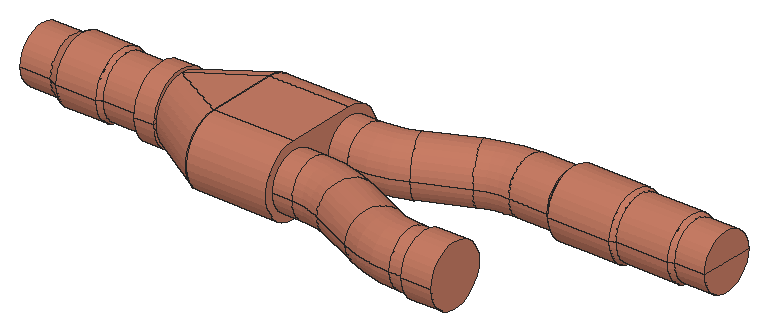
Revit family "Y_Branch-JCI-Cu_ACR-FxFxF-Heat_Pump-A1", category Pipe Fittings, Revit 2014
Parameters (values of type "Standard")
  Weight [instance] = 0.00 lbf
  URL = "http://www.johnsoncontrols.com/"
  Type Comments = "For use with copper ACR pipework"
  Tick Size 2 [instance] = Fitting Outside Diameter 2 * 0.4  # 0.55"
  Tick Size 1 [instance] = Fitting Outside Diameter 1 * 0.4  # 0.55"
  Socket Outside Radius 3 [instance] = Fitting Outside Radius 3 + 1" / 16  # 11/16"
  Socket Outside Radius 2 [instance] = Fitting Outside Radius 2 + 1/16"  # 3/4"
  Socket Outside Radius 1 [instance] = Fitting Outside Radius 1 + 1" / 16  # 3/4"
  Reducer 1 Length = 2"
  Pipe Radius 3 [instance] = Socket Outside Radius 3 + 1" / 8  # 13/16"
  Pipe Radius 2 [instance] = if(Nominal Diameter 1 > 1", Fitting Outside Radius 1 + 1" / 16, Fitting Outside Radius 1 + 1" / 8)  # 3/4"
  Pipe Radius 1 [instance] = if(Nominal Diameter 1 > 1", Fitting Outside Radius 1 + 1" / 8, Fitting Outside Radius 1 + 1" / 16)  # 13/16"
  Nominal Radius 3 [instance] = 9/16"
  Nominal Radius 2 [instance] = 5/8"
  Nominal Radius 1 [instance] = 5/8"
  Nominal Diameter 3 [instance] = Nominal Radius 3 * 2  # 1 1/8"
  Nominal Diameter 2 [instance] = Nominal Radius 2 * 2  # 1 1/4"
  Nominal Diameter 1 [instance] = Nominal Radius 1 * 2  # 1 1/4"
  Model = "21A1"
  Manufacturer = "Johnson Controls International"
  Manifold Length = 4"
  Loss Method = K Coefficient from Table
  Lookup Table Name = "Y_Branch-JCI-Cu_ACR-FxFxF-Heat_Pump-A1"
  Length 5 [instance] = Length 4 / tan(Angle 1)  # 2.14451"
  Length 4 [instance] = 1"
  Length 3 [instance] = Center Radius * tan(Angle 1 / 2)  # 0.55424"
  Length 2 [instance] = Reducer 1 Length + 1"  # 3"
  Length 1 [instance] = Pipe Radius 2 + 1" / 8  # 7/8"
  Fitting Outside Radius 3 [instance] = Fitting Outside Diameter 3 / 2  # 5/8"
  Fitting Outside Diameter 3 [instance] = Nominal Diameter 3 + 1/8"  # 1 1/4"
  End to End 2 [instance] = size_lookup(Lookup Table Name, "EtE2", 14 1/2", Nominal Diameter 1, Nominal Diameter 2, Nominal Diameter 3)  # 11.85039"
  End to End 1 [instance] = size_lookup(Lookup Table Name, "EtE1", 18", Nominal Diameter 1, Nominal Diameter 2, Nominal Diameter 3)  # 15.66929"
  K Coefficient Table = "Converging/Diverging Tee/Wye"
  built-in parameter 1114238 [instance] = (empty or 0)
  Fitting Outside Radius 2 [instance] = Fitting Outside Diameter 2 / 2  # 11/16"
  Fitting Outside Radius 1 [instance] = Fitting Outside Diameter 1 / 2  # 11/16"
  Fitting Outside Diameter 2 [instance] = Nominal Diameter 2 + 1/8"  # 1 3/8"
  Fitting Outside Diameter 1 [instance] = Nominal Diameter 1 + 1/8"  # 1 3/8"
  Description = "Y Branch"
  Custom Material = Custom Material
  Copyright © = "Copyright © 2001-2017 Johnson Controls"  # constant formula
  Center Radius [instance] = Nominal Diameter 2 * 2  # 2 1/2"
  Branch Center to Center [instance] = size_lookup(Lookup Table Name, "BCtC", 3 1/2", Nominal Diameter 1, Nominal Diameter 2, Nominal Diameter 3)  # 3.74016"
  Body Material = Metal - JCI - Copper
  Assembly Code = "D2090800"
  Angle 1 [instance] = 25.00°  # constant formula
Reference planes (in)
  plane 1 "Center (Front/Back)": y = 0
  plane 2 "CC": z = 0
  plane 3 "Center (Left/Right)": x = 0
  plane 4: x = 15.66929
  plane 5: x = 11.85039
  plane 6: x = 2
  plane 7: x = 1
  plane 8: x = 3
  plane 9: x = 3.5
  plane 10: x = 7
  plane 11: x = 5
  plane 12: y = 1.87008
  plane 13: y = -1.87008
  plane 14: x = 10.75298
  plane 15: x = 0.75
  plane 16: y = 0.87008
  plane 17: y = -0.87008
  plane 18: x = 7.5
  plane 19: y = -0.62992
  plane 20: y = 3.37008
  plane 21: x = 8.05424
  plane 22: x = 10.19874
  plane 23: y = 0.62992
  plane 24: y = -3.37008
  plane 25: x = 11.10039
  plane 26: x = 14.90551
  plane 27: x = 13.37795
  plane 28: y = -0.62992
  plane 29: y = 3.37008
  plane 30: y = 0.62992
  plane 31: y = -3.37008
  plane 32: x = 12.61417
  plane 33: x = 14.14173
  plane 34: x = 11.72539
Forms (in)
  Revolve 1, solid, material "Metal - JCI - Copper" <- "Body Material", detail levels fine
    sketch origin (0, 0, 0) x (0, -1, 0) y (1, 0, 0)
      loop
        line (-0.6875, 0) -> (0, 0) -> (0, 3.5) -> (-0.875, 3.5) -> (-0.875, 3) -> (-0.75, 3) -> (-0.75, 2.10825) -> (-0.8125, 2) -> (-0.8125, 1) -> (-0.6875, 0.75) -> (-0.6875, 0)
      axis (0, 0) -> (0, 3.5)
    angle from 0 to 360
  Blend 2, solid, material "Metal - JCI - Copper" <- "Body Material", detail levels fine
    base sketch origin (0, 0, 0) x (0, 1, 0) y (0, 0, 1)
      loop
        arc (-0.01563, 0.8125) -> (-0.82813, 0) -> (-0.01563, -0.8125) r 0.8125
        line (-0.01563, -0.8125) -> (0.01562, -0.8125)
        arc (0.01562, -0.8125) -> (0.82812, 0) -> (0.01562, 0.8125) r 0.8125
        line (0.01562, 0.8125) -> (-0.01563, 0.8125)
    top sketch origin (0, 0, 0) x (0, 1, 0) y (0, 0, 1)
      loop
        arc (0.87008, -0.875) -> (1.74508, 0) -> (0.87008, 0.875) r 0.875
        line (0.87008, 0.875) -> (-0.87008, 0.875)
        arc (-0.87008, 0.875) -> (-1.74508, 0) -> (-0.87008, -0.875) r 0.875
        line (-0.87008, -0.875) -> (0.87008, -0.875)
    from 3.5 to 5
  Extrusion 3, solid, material "Metal - JCI - Copper" <- "Body Material", detail levels fine
    sketch origin (0, 0, 0) x (0, 1, 0) y (0, 0, 1)
      loop
        arc (0.87008, -0.875) -> (1.74508, 0) -> (0.87008, 0.875) r 0.875
        line (0.87008, 0.875) -> (-0.87008, 0.875)
        arc (-0.87008, 0.875) -> (-1.74508, 0) -> (-0.87008, -0.875) r 0.875
        line (-0.87008, -0.875) -> (0.87008, -0.875)
    from 5 to 7
  Sweep 4, solid, material "Metal - JCI - Copper" <- "Body Material", detail levels fine
    path origin (0, 0, 0) x (1, 0, 0) y (0, 1, 0)
      loop
        line (7, 0.87008) -> (7.5, 0.87008)
        arc (7.5, 0.87008) -> (8.0411, 0.92934) -> (8.55655, 1.10431) r 2.5
        line (8.55655, 1.10431) -> (9.69643, 1.63585)
        arc (9.69643, 1.63585) -> (10.21188, 1.81082) -> (10.75298, 1.87008) r 2.5
        line (10.75298, 1.87008) -> (11.72539, 1.87008)
    profile origin (7.5, 0.87008, 0) x (0, 1, 0) y (0, 0, 1)
      loop
        circle (0, 0) r 0.6875
  Sweep 5, solid, material "Metal - JCI - Copper" <- "Body Material", detail levels fine
    path origin (0, 0, 0) x (1, 0, 0) y (0, 1, 0)
      loop
        line (11.10039, -1.87008) -> (10.75298, -1.87008)
        arc (10.75298, -1.87008) -> (10.21188, -1.81082) -> (9.69643, -1.63585) r 2.5
        line (9.69643, -1.63585) -> (8.55655, -1.10431)
        arc (8.55655, -1.10431) -> (8.0411, -0.92934) -> (7.5, -0.87008) r 2.5
        line (7.5, -0.87008) -> (7, -0.87008)
    profile origin (11.10039, -1.87008, 0) x (0, -1, 0) y (0, 0, 1)
      loop
        circle (0, 0) r 0.6875
  Revolve 6, solid, material "Metal - JCI - Copper" <- "Body Material", detail levels fine
    sketch origin (0, 0, 0) x (1, 0, 0) y (0, 1, 0)
      loop
        line (11.72539, 1.87008) -> (15.66929, 1.87008) -> (15.66929, 2.55758) -> (14.90551, 2.55758) -> (14.79726, 2.62008) -> (13.48621, 2.62008) -> (13.37795, 2.68258) -> (11.85039, 2.68258) -> (11.72539, 2.55758) -> (11.72539, 1.87008)
      axis (11.72539, 1.87008) -> (15.66929, 1.87008)
    angle from 0 to 360
  Extrusion 7, solid, material "Metal - JCI - Copper" <- "Body Material", detail levels fine
    sketch origin (0, 0, 0) x (0, 1, 0) y (0, 0, 1)
      loop
        circle (-1.87008, 0) r 0.75
    from 11.10039 to 11.85039
Lines and regions (in)
  model lines, detail levels coarse+medium
    curve 1: line (0, 0.55, 0) -> (0, -0.55, 0)
    curve 7: arc (7.5, 0.87008, 0) -> (8.0411, 0.92934, 0) -> (8.55655, 1.10431, 0) r 2.5
    curve 8: arc (10.75298, 1.87008, 0) -> (10.21188, 1.81082, 0) -> (9.69643, 1.63585, 0) r 2.5
    curve 9: line (8.55655, 1.10431, 0) -> (9.69643, 1.63585, 0)
    curve 10: line (15.66929, 2.42008, 0) -> (15.66929, 1.32008, 0)
    curve 11: line (11.85039, -1.32008, 0) -> (11.85039, -2.42008, 0)
    curve 13: arc (7.5, -0.87008, 0) -> (8.0411, -0.92934, 0) -> (8.55655, -1.10431, 0) r 2.5
    curve 14: arc (10.75298, -1.87008, 0) -> (10.21188, -1.81082, 0) -> (9.69643, -1.63585, 0) r 2.5
    curve 15: line (8.55655, -1.10431, 0) -> (9.69643, -1.63585, 0)
  model lines, style "PipeFitting", detail levels coarse+medium
    curve 2: line (7.5, 0.87008, 0) -> (5, 0.87008, 0)
    curve 3: line (10.75298, 1.87008, 0) -> (15.66929, 1.87008, 0)
    curve 4: line (5, 0.87008, 0) -> (5, -0.87008, 0)
    curve 5: line (5, -0.87008, 0) -> (7.5, -0.87008, 0)
    curve 6: line (0, 0, 0) -> (5, 0, 0)
    curve 12: line (10.75298, -1.87008, 0) -> (11.85039, -1.87008, 0)
  model lines, style "PipeFittingCenterLine", detail levels fine
    curve 16: line (7.5, 0.87008, 0) -> (5, 0.87008, 0)
    curve 17: line (10.75298, 1.87008, 0) -> (15.66929, 1.87008, 0)
    curve 18: line (5, 0.87008, 0) -> (5, -0.87008, 0)
    curve 19: line (5, -0.87008, 0) -> (7.5, -0.87008, 0)
    curve 20: line (0, 0, 0) -> (5, 0, 0)
    curve 21: arc (7.5, 0.87008, 0) -> (8.0411, 0.92934, 0) -> (8.55655, 1.10431, 0) r 2.5
    curve 22: arc (10.75298, 1.87008, 0) -> (10.21188, 1.81082, 0) -> (9.69643, 1.63585, 0) r 2.5
    curve 23: line (8.55655, 1.10431, 0) -> (9.69643, 1.63585, 0)
    curve 24: line (10.75298, -1.87008, 0) -> (11.85039, -1.87008, 0)
    curve 25: arc (7.5, -0.87008, 0) -> (8.0411, -0.92934, 0) -> (8.55655, -1.10431, 0) r 2.5
    curve 26: arc (10.75298, -1.87008, 0) -> (10.21188, -1.81082, 0) -> (9.69643, -1.63585, 0) r 2.5
    curve 27: line (8.55655, -1.10431, 0) -> (9.69643, -1.63585, 0)
Dimensions and locks (in)
  "End to End 1": plane 3 "Center (Left/Right)" to plane 4
  "End to End 2": plane 3 "Center (Left/Right)" to plane 5
  "Reducer 1 Length": plane 3 "Center (Left/Right)" to plane 6
  locked: plane 8 to plane 9 at 0.5
  "Manifold Length": plane 8 to plane 10
  equal spacing: plane 8, plane 11, plane 10
  equal spacing: plane 12, plane 1 "Center (Front/Back)", plane 13
  "Branch Center to Center": plane 12 to plane 13
  equal spacing: plane 3 "Center (Left/Right)", plane 7, plane 6
  "Fitting Outside Radius 1": Revolve 1 sketch curve to Revolve 1 sketch curve
  "Length 1": Revolve 1 sketch curve to Revolve 1 sketch curve
  "Length 4": plane 12 to plane 16
  "Length 4": plane 17 to plane 13
  locked: plane 1 "Center (Front/Back)" to Blend 2 sketch curve at 0.01562
  locked: Blend 2 sketch curve to plane 1 "Center (Front/Back)" at 0.01562
  locked: plane 10 to plane 18 at 0.5
  "Center Radius": plane 12 to plane 19
  "Center Radius": plane 20 to plane 16
  "Length 5": plane 21 to plane 22
  "Length 3": plane 18 to plane 21
  "Length 3": plane 22 to plane 14
  "Center Radius": plane 17 to plane 24
  "Center Radius": plane 23 to plane 13
  plane 25 to plane 5 = 3/4"
  equal spacing: plane 5, plane 32, plane 27, plane 33, plane 26, plane 4
  equal spacing: Revolve 6 sketch curve, Revolve 6 sketch curve, Revolve 6 sketch curve
  "Socket Outside Radius 3": Revolve 6 sketch curve to Revolve 6 sketch curve
  "Pipe Radius 3": Revolve 6 sketch curve to Revolve 6 sketch curve
  "Center Radius": plane 29 to plane 16
  "Center Radius": plane 12 to plane 28
  equal spacing: curve 11, plane 13, curve 11
  equal spacing: curve 10, plane 12, curve 10
  "Tick Size 1": curve 10 to plane 12
  "Tick Size 1": curve 11 to plane 13
  "Center Radius": plane 31 to plane 17
  "Center Radius": plane 13 to plane 30
  equal spacing: curve 1, plane 1 "Center (Front/Back)", curve 1
  "Tick Size 1": plane 1 "Center (Front/Back)" to curve 1
  "Pipe Radius 1": Revolve 1 sketch curve to Revolve 1 sketch curve
  "Pipe Radius 2": Revolve 1 sketch curve to Revolve 1 sketch curve
  locked: plane 15 to plane 7 at 0.25
  locked: plane 34 to plane 5 at 0.125
  "Fitting Outside Radius 2": Revolve 6 sketch curve to Revolve 6 sketch curve
  "Length 2": plane 3 "Center (Left/Right)" to plane 8
  "Length 1": radius of Blend 2 sketch curve  (x2)
  "Length 1": radius of Extrusion 3 sketch curve  (x2)
  "Center Radius": radius of Sweep 4 sketch curve
  "Fitting Outside Radius 2": radius of Sweep 4 sketch curve
  "Fitting Outside Radius 2": radius of Sweep 5 sketch curve
  "Center Radius": radius of Sweep 5 sketch curve  (x2)
  "Socket Outside Radius 2": radius of Extrusion 7 sketch curve
  "Center Radius": radius of curve 7
  "Center Radius": radius of curve 8
  "Pipe Radius 1": radius of Blend 2 sketch curve  (x2)
  "Angle 1": angle Sweep 4 sketch curve to Sweep 4 sketch curve  (x2)
  "Angle 1": angle plane 16 to Sweep 4 sketch curve
  "Angle 1": angle Sweep 5 sketch curve to Sweep 5 sketch curve  (x2)
  locked: Revolve 6 sketch curve to Revolve 6 sketch curve (angle 150.00°)  (x2)
  "Angle 1": angle curve 8 to curve 8
  "Angle 1": angle curve 7 to curve 7
  "Angle 1": angle curve 14 to curve 14
  "Angle 1": angle curve 13 to curve 13
  "Angle 1": angle curve 22 to curve 22
  "Angle 1": angle curve 21 to curve 21
  "Angle 1": angle curve 26 to curve 26
  "Angle 1": angle curve 25 to curve 25
  aligned and locked: plane 2 "CC" to level
  aligned and locked: plane 1 "Center (Front/Back)" to Revolve 1 sketch curve
  aligned and locked: Revolve 1 sketch curve to Revolve 1 sketch curve
  aligned and locked: plane 15 to Revolve 1 sketch curve
  aligned and locked: Revolve 1 sketch curve to plane 3 "Center (Left/Right)"
  aligned and locked: plane 6 to Revolve 1 sketch curve
  aligned and locked: plane 7 to Revolve 1 sketch curve
  aligned and locked: plane 9 to Revolve 1 sketch curve
  aligned and locked: Revolve 1 sketch curve to plane 8
  aligned and locked: level to Blend 2 sketch curve  (x3)
  aligned and locked: plane 11 to Blend 2
  aligned and locked: Blend 2 to plane 9
  aligned and locked: plane 16 to Blend 2 sketch curve
  aligned and locked: plane 17 to Blend 2 sketch curve
  aligned and locked: plane 16 to Extrusion 3 sketch curve
  aligned and locked: level to Extrusion 3 sketch curve  (x2)
  aligned and locked: plane 17 to Extrusion 3 sketch curve
  aligned and locked: Extrusion 3 to plane 11
  aligned and locked: plane 10 to Extrusion 3
  aligned and locked: plane 14 to curve 3
  aligned and locked: plane 18 to curve 2
  aligned and locked: plane 18 to Sweep 4 sketch curve  (x2)
  aligned and locked: plane 20 to Sweep 4 sketch curve
  aligned and locked: plane 12 to Sweep 4 sketch curve
  aligned and locked: plane 14 to Sweep 4 sketch curve  (x2)
  aligned and locked: plane 19 to Sweep 4 sketch curve
  aligned and locked: profile plane to Sweep 4 sketch curve  (x2)
  aligned and locked: profile plane to Sweep 5 sketch curve  (x2)
  aligned and locked: plane 13 to Sweep 5 sketch curve
  aligned and locked: plane 14 to Sweep 5 sketch curve  (x2)
  aligned and locked: plane 10 to Sweep 5 sketch curve
  aligned and locked: plane 18 to Sweep 5 sketch curve  (x2)
  aligned and locked: Sweep 5 sketch curve to plane 17
  aligned and locked: plane 23 to Sweep 5 sketch curve
  aligned and locked: plane 24 to Sweep 5 sketch curve
  aligned and locked: Revolve 6 sketch curve to plane 12
  aligned and locked: Revolve 6 sketch curve to Revolve 6 sketch curve
  aligned and locked: plane 4 to Revolve 6 sketch curve
  aligned and locked: plane 26 to Revolve 6 sketch curve
  aligned and locked: plane 27 to Revolve 6 sketch curve
  aligned and locked: plane 13 to Extrusion 7 sketch curve
  aligned and locked: level to Extrusion 7 sketch curve
  aligned and locked: curve 5 to plane 17
  aligned and locked: curve 4 to plane 11
  aligned and locked: plane 18 to curve 5
  aligned and locked: plane 1 "Center (Front/Back)" to curve 6
  aligned and locked: plane 3 "Center (Left/Right)" to curve 6
  aligned and locked: plane 11 to curve 6
  aligned and locked: plane 29 to curve 7
  aligned and locked: plane 18 to curve 7
  aligned and locked: plane 14 to curve 8
  aligned and locked: plane 28 to curve 8
  aligned and locked: curve 10 to plane 4
  aligned and locked: plane 4 to curve 3
  aligned and locked: plane 31 to curve 13
  aligned and locked: plane 30 to curve 14
  aligned and locked: curve 12 to plane 13
  aligned and locked: plane 18 to curve 13
  aligned and locked: curve 1 to plane 3 "Center (Left/Right)"
  aligned and locked: Revolve 6 sketch curve to plane 34
  aligned and locked: plane 25 to Sweep 5 sketch curve
  aligned and locked: Extrusion 7 to plane 25
  aligned and locked: plane 5 to Extrusion 7
  aligned and locked: plane 34 to Sweep 4 sketch curve
  aligned and locked: curve 11 to plane 5
Automatic sketch dimensions
  Extrusion 3 sketch curve to plane 16 = 0"
  Revolve 6 sketch curve to plane 5 = 0"
  Revolve 6 sketch curve to plane 8 = 1.08667"
  Revolve 6 sketch curve to Revolve 6 sketch curve = 7.19833"
  Blend 2 sketch curve to level = 0"
  Revolve 1 sketch curve to Revolve 1 sketch curve = 7.8188"
  plane 6 to Revolve 1 sketch curve = 0.10825"
  plane 4 to Revolve 1 sketch curve = 4.2162"
  curve 14 to plane 14 = 0"
  plane 1 "Center (Front/Back)" to curve 20 = 0"
  Sweep 4 sketch curve to plane 10 = 0"
Connectors (in)
  piping at (0, 0, 0), diameter 1.25, driven by "Nominal Radius 1"
    settings: on Revolve 1, index 1, connector inside diameter 24", connector length 0", flow factor 0, pipe flow 0 GPM, pressure drop 0.00 psi, fitting loss kfactor 0, connector angle 0.00°, fixture units 0, engagement length 0", angle of deflection 0.00°, flow configuration 0, flow direction 0, fitting loss method 0, system type 28, joint type 0, gender type 0, connector reference index -1, connector utility 0, adjustable connector no, is connector primary yes, connector description ""
  piping at (11.85039, -1.87008, 0), diameter 1.25, driven by "Nominal Radius 2"
    settings: on Extrusion 7, index 2, connector inside diameter 24", connector length 0", flow factor 0, pipe flow 0 GPM, pressure drop 0.00 psi, fitting loss kfactor 0, connector angle 0.00°, fixture units 0, engagement length 0", angle of deflection 0.00°, flow configuration 0, flow direction 0, fitting loss method 0, system type 28, joint type 0, gender type 0, connector reference index -1, connector utility 0, adjustable connector no, is connector primary no, connector description ""
  piping at (15.66929, 1.87008, 0), diameter 1.125, driven by "Nominal Radius 3"
    settings: on Revolve 6, index 3, connector inside diameter 24", connector length 0", flow factor 0, pipe flow 0 GPM, pressure drop 0.00 psi, fitting loss kfactor 0, connector angle 0.00°, fixture units 0, engagement length 0", angle of deflection 0.00°, flow configuration 0, flow direction 0, fitting loss method 0, system type 28, joint type 0, gender type 0, connector reference index -1, connector utility 0, adjustable connector no, is connector primary no, connector description ""
